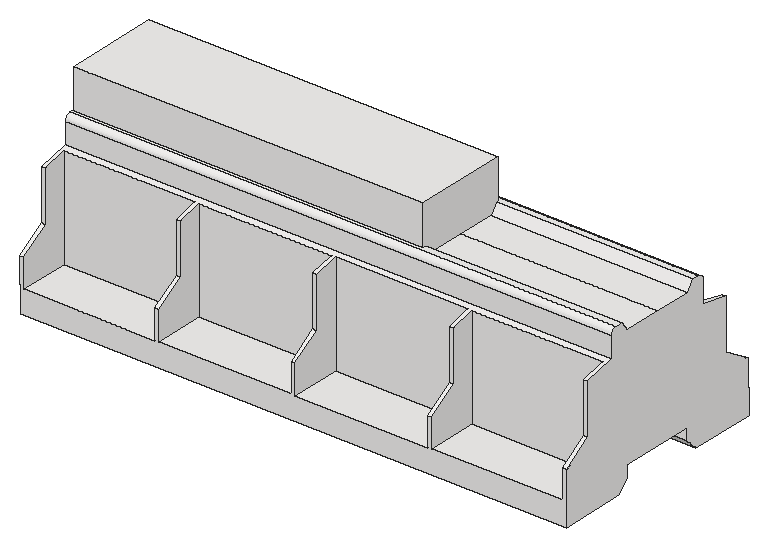
Revit family "Control_Unit-Lutron-Energi_Savr_Node-QSN-4A5-D", category Lighting Devices, host Face, Revit 2018
Family settings
  Host = Face
  Maintain Annotation Orientation = Yes
  Round Connector Dimension = Use Radius
  Part Type = Normal
  OmniClass Number = 23.80.30.11.17
  OmniClass Title = Distribution Boards and Control Panels
  Cut with Voids When Loaded = No
  Shared = No
  Room Calculation Point = No
Parameters (values of type "QSN-4A5-D")
  Warranty URL = "http://www.lutron.com/en-US/Service-Support/Pages/Service/Warranty/Warranty.aspx"
  Voltage = 120 V
  Video Link = "https://www.youtube.com/user/LutronElectronicsInc"
  Version = "2018 - v1.0a"  # constant formula
  Type Comments = ""
  Support Phone = "(224) 699-9545"  # constant formula
  Support Email = "mailto:support@anguleris.com"
  Product Page URL = "https://www.lutron.com/en-US/products/pages/wholebuildingsystems/athena/overview.aspx"
  Product Name = "PRO LED+ Phase Adaptive Power Module"
  Product Documentation Link = "https://www.lutron.com/TechnicalDocumentLibrary/3691173_ENG.pdf"
  Performance URL = "http://www.lutron.com/en-US/Service-Support/Pages/Technical/PerfomanceSpecs.aspx"
  Operating Voltage = "120 V~ 50/60 Hz, 16 A maximum total input current | 277 V~ 50/60 Hz, 8.3 A maximum total input current"
  URL = "http://www.lutron.com"
  Series = "Athena"
  Overall Width = 8.50"  # constant formula
  Overall Height = 2.99"  # constant formula
  Overall Depth = 3.54"  # constant formula
  Number of Poles = 1
  Model = "QSN-4A5-D"
  Minimum Operating Temperature = 32 °F
  Maximum Operating Temperature = 104 °F
  Material = ""
  Manufacturer Phone Number = "610-282-3800"  # constant formula
  Manufacturer Fax Number = "610-282-1243"  # constant formula
  Manufacturer Email = "mailto:support@lutron.com"
  Manufacturer Address = "7200 Suter Rd, Coopersburg, PA 18036"  # constant formula
  Manufacturer = "Lutron Electronics Co., Inc"  # constant formula
  Label [instance] = "LC"
  Keynote = ""
  Instruction Sheet Link = "http://www.lutron.com/en-US/Service-Support/Pages/Technical/InstallationInstructions/InstallationInstructions.aspx#Power%20Interfaces%20&%20Power%20Panels"
  Frequency = "50|60 Hz"
  Finish = Plastic - Lutron - White - Matte
  Description = "The Energi Savr Node (ESN) family is a group of modular products for the control of lighting loads and motor loads."
  Default Elevation = 48.00"
  Current = 16 A
  Cost Info = "mailto:sales@lutron.com"
  Cost = 0
  Copyright = "© 2021 Lutron Electronics Co., Inc."  # constant formula
  Assembly Code = "D3060"
  Apparent Power [instance] = Voltage * Current  # 1920 VA
  Annotation Symbol Visibility [instance] = yes
Reference planes (in)
  plane 1 "Center (Front/Back)": y = 0
  plane 2: z = 0
  plane 3 "Center (Left/Right)": x = 0
  plane 4: z = 2.37891
  plane 5: y = 1.77
  plane 6: y = -1.77
  plane 7: x = -4.25
  plane 8: x = 4.25
  plane 9: x = -2.125
  plane 10: x = 2.125
  plane 11: z = 2.99
Forms (in)
  Extrusion 1, solid, material "Plastic - Lutron - White - Matte" <- "Finish"
    sketch origin (8.5, 0.00455, 0.02943) x (0, -1, 0) y (0, 0, 1)
      loop
        line (1.77455, -0.02943) -> (1.77455, 0.77871) -> (1.35367, 1.04799) -> (1.35367, 1.83028) -> (0.89356, 1.94002) -> (0.89356, 2.25816)
        arc (0.89356, 2.25816) -> (0.86682, 2.32273) -> (0.80225, 2.34948) r 0.09132
        line (0.80225, 2.34948) -> (0.70059, 2.34948) -> (0.60254, 2.20945) -> (0.00455, 2.20945) -> (-0.59343, 2.20945) -> (-0.69149, 2.34948) -> (-0.79314, 2.34948)
        arc (-0.79314, 2.34948) -> (-0.86123, 2.31901) -> (-0.88388, 2.24794) r 0.09132
        line (-0.88388, 2.24794) -> (-0.88388, 1.92931) -> (-1.3305, 1.83863) -> (-1.3305, 1.05456) -> (-1.76545, 0.77972) -> (-1.76545, -0.02943) -> (-0.75275, -0.02943) -> (-0.57598, 0.14735) -> (-0.57598, 0.33151) -> (0.5916, 0.33151) -> (0.5916, 0.1255) -> (0.74653, -0.02943) -> (1.77455, -0.02943)
    from 4.25 to 12.75
  Extrusion 2, void
    sketch origin (0, -12.51256, 0) x (1, 0, 0) y (0, 1, 0)
      loop
        line (-2.09614, 13.49887) -> (-0.02886, 13.49887) -> (-0.02886, 14.35418) -> (-2.09614, 14.35418) -> (-2.09614, 13.49887)
      loop
        line (4.19227, 14.35418) -> (2.15386, 14.35418) -> (2.15386, 13.49887) -> (4.19227, 13.49887) -> (4.19227, 14.35418)
      loop
        line (-4.19227, 14.35418) -> (-4.19227, 13.49887) -> (-2.15386, 13.49887) -> (-2.15386, 14.35418) -> (-4.19227, 14.35418)
      loop
        line (-2.09614, 11.52625) -> (-2.09614, 10.67094) -> (-0.02886, 10.67094) -> (-0.02886, 11.52625) -> (-2.09614, 11.52625)
      loop
        line (4.19227, 10.67094) -> (4.19227, 11.52625) -> (2.15386, 11.52625) -> (2.15386, 10.67094) -> (4.19227, 10.67094)
      loop
        line (-4.19227, 10.67094) -> (-2.15386, 10.67094) -> (-2.15386, 11.52625) -> (-4.19227, 11.52625) -> (-4.19227, 10.67094)
      loop
        line (2.09614, 13.49887) -> (2.09614, 14.35418) -> (0.02886, 14.35418) -> (0.02886, 13.49887) -> (2.09614, 13.49887)
      loop
        line (2.09614, 11.52625) -> (0.02886, 11.52625) -> (0.02886, 10.67094) -> (2.09614, 10.67094) -> (2.09614, 11.52625)
    from 0.36094 to 2.99
  Extrusion 3, solid, material "Plastic - Lutron - White - Matte" <- "Finish"
    sketch origin (0, 0, 0) x (0, 1, 0) y (0, 0, 1)
      loop
        line (-0.73637, 2.99) -> (-0.73637, 2.23887) -> (0.73637, 2.23887) -> (0.73637, 2.99) -> (-0.73637, 2.99)
    from -4.25 to 1.18266
Cuts and joins
  Extrusion 2 cuts Extrusion 1
Lines and regions (in)
  Masking region 1
    outline origin (0, 0, 0) x (1, 0, 0) y (0, 0, 1)
      loop
        line (4.25, 0) -> (4.25, 2.37891) -> (1.18266, 2.37891) -> (1.18266, 2.99) -> (-4.25, 2.99) -> (-4.25, 0) -> (4.25, 0)
  symbolic lines, detail levels medium+fine
    curve 1: line (4.25, 0, 2.30273) -> (-4.25, 0, 2.30273)
    curve 16: line (1.18266, 0, 2.37891) -> (-4.25, 0, 2.37891)
  symbolic lines, detail levels fine
    curve 2: line (4.19227, 0, 1.95874) -> (4.19227, 0, 0.36094)
    curve 3: line (4.19227, 0, 0.36094) -> (2.15386, 0, 0.36094)
    curve 4: line (2.15386, 0, 0.36094) -> (2.15386, 0, 1.94219)
    curve 5: line (2.09614, 0, 1.94219) -> (2.09614, 0, 0.36094)
    curve 6: line (2.09614, 0, 0.36094) -> (0.02886, 0, 0.36094)
    curve 7: line (-2.09614, 0, 0.36094) -> (-2.09614, 0, 1.94219)
    curve 8: line (-2.15386, 0, 1.94219) -> (-2.15386, 0, 0.36094)
    curve 9: line (-2.15386, 0, 0.36094) -> (-4.19227, 0, 0.36094)
    curve 10: line (-4.19227, 0, 0.36094) -> (-4.19227, 0, 1.95874)
    curve 11: line (4.19227, 0, 1.95874) -> (-4.19227, 0, 1.95874)
    curve 12: line (2.15386, 0, 1.94219) -> (4.19227, 0, 1.94219)
    curve 13: line (0.02886, 0, 1.94219) -> (2.09614, 0, 1.94219)
    curve 14: line (-2.09614, 0, 1.94219) -> (-0.02886, 0, 1.94219)
    curve 15: line (-2.15386, 0, 1.94219) -> (-4.19227, 0, 1.94219)
    curve 17: line (0.02886, 0, 0.36094) -> (0.02886, 0, 1.94219)
    curve 18: line (-0.02886, 0, 1.94219) -> (-0.02886, 0, 0.36094)
    curve 19: line (-0.02886, 0, 0.36094) -> (-2.09614, 0, 0.36094)
Dimensions and locks (in)
  equal spacing: host sketch curve, plane 1 "Center (Front/Back)", host sketch curve
  equal spacing: host sketch curve, plane 3 "Center (Left/Right)", host sketch curve
  equal spacing: plane 5, plane 1 "Center (Front/Back)", plane 6
  "Overall Depth": plane 5 to plane 6
  equal spacing: plane 7, plane 3 "Center (Left/Right)", plane 8
  "Overall Width": plane 7 to plane 8
  equal spacing: cut or joined group of Extrusion 1, Extrusion 2, plane 9, cut or joined group of Extrusion 1, Extrusion 2  (x2)
  equal spacing: cut or joined group of Extrusion 1, Extrusion 2, plane 10, cut or joined group of Extrusion 1, Extrusion 2  (x2)
  plane 11 to level = 2.99"
  Extrusion 2 sketch curve to plane 3 "Center (Left/Right)" to Extrusion 2 sketch curve = 0.02886" locked, 0.02886" locked  (x2)
  equal spacing: plane 7, plane 9, plane 3 "Center (Left/Right)"
  equal spacing: plane 3 "Center (Left/Right)", plane 10, plane 8
  locked: plane 7 to Extrusion 3 at 5.43266
  aligned and locked: plane 2 to host face
  aligned and locked: level to host face
  aligned and locked: plane 1 "Center (Front/Back)" to nested 1
  aligned and locked: plane 3 "Center (Left/Right)" to nested 1
  aligned and locked: plane 7 to Extrusion 1
  aligned and locked: plane 8 to cut or joined group of Extrusion 1, Extrusion 2
  aligned and locked: cut or joined group of Extrusion 1, Extrusion 2 to plane 6
  aligned and locked: cut or joined group of Extrusion 1, Extrusion 2 to plane 5
  aligned and locked: plane 4 to cut or joined group of Extrusion 1, Extrusion 2  (x2)
  aligned and locked: Extrusion 3 to cut or joined group of Extrusion 1, Extrusion 2
Automatic sketch dimensions
  plane 7 to curve 1 = 0.00"
  curve 16 to plane 4 = 0.00"
  plane 7 to curve 16 = 0.00"
  curve 1 to plane 8 = 0.00"
  curve 10 to plane 7 = 0.05773"
  curve 8 to plane 9 = 0.02886"
  plane 9 to curve 7 = 0.02886"
  curve 5 to plane 10 = 0.02886"
  plane 10 to curve 4 = 0.02886"
  curve 2 to plane 8 = 0.05773"
  curve 11 to plane 4 = 0.42017"
  curve 15 to curve 7 = 0.00"
  level to curve 8 = 0.36094"
  curve 7 to curve 8 = 0.00"
  curve 4 to curve 5 = 0.00"
  curve 16 to plane 10 = 0.94234"
  curve 1 to plane 4 = 0.07618"
  curve 18 to curve 13 = 0.00"
  Extrusion 1 sketch curve to level = 0.00"  (x2)
  Extrusion 1 sketch curve to plane 5 = 0.00"
  Extrusion 1 sketch curve to plane 4 = 0.00"  (x2)
  Extrusion 1 sketch curve to plane 1 "Center (Front/Back)" = 0.00"
  Extrusion 1 sketch curve to plane 6 = 0.00"
  plane 5 to Extrusion 1 sketch curve = 0.43495"
  Extrusion 1 sketch curve to Extrusion 1 sketch curve = 0.44661"
  Extrusion 1 sketch curve to Extrusion 1 sketch curve = 0.09074"
  Extrusion 1 sketch curve to plane 1 "Center (Front/Back)" = 0.75731"
  Extrusion 1 sketch curve to Extrusion 1 sketch curve = 0.10166"  (x2)
  Extrusion 1 sketch curve to Extrusion 1 sketch curve = 0.09805"  (x2)
  Extrusion 1 sketch curve to Extrusion 1 sketch curve = 0.17678"
  plane 1 "Center (Front/Back)" to Extrusion 1 sketch curve = 0.58705"
  Extrusion 1 sketch curve to plane 4 = 0.14003"
  plane 1 "Center (Front/Back)" to Extrusion 1 sketch curve = 0.59799"
  Extrusion 1 sketch curve to Extrusion 1 sketch curve = 0.15493"
  Extrusion 1 sketch curve to plane 4 = 0.40946"
  Extrusion 1 sketch curve to Extrusion 1 sketch curve = 0.09132"
  plane 6 to Extrusion 1 sketch curve = 0.42088"
  level to Extrusion 1 sketch curve = 0.15493"
  level to Extrusion 1 sketch curve = 0.17678"
  Extrusion 1 sketch curve to Extrusion 1 sketch curve = 0.20601"
  Extrusion 1 sketch curve to Extrusion 1 sketch curve = 0.80814"
  Extrusion 1 sketch curve to Extrusion 1 sketch curve = 0.80915"
  Extrusion 1 sketch curve to Extrusion 1 sketch curve = 0.26928"
  Extrusion 1 sketch curve to Extrusion 1 sketch curve = 0.27484"
  Extrusion 1 sketch curve to Extrusion 1 sketch curve = 0.10973"
  Extrusion 1 sketch curve to plane 4 = 0.51085"
  Extrusion 1 sketch curve to Extrusion 1 sketch curve = 0.28013"
  Extrusion 1 sketch curve to plane 4 = 0.10154"
  plane 9 to Extrusion 2 sketch curve = 0.02886"  (x2)
  Extrusion 2 sketch curve to plane 9 = 0.02886"  (x2)
  Extrusion 2 sketch curve to plane 7 = 0.05773"  (x2)
  Extrusion 2 sketch curve to plane 10 = 0.02886"  (x2)
  plane 10 to Extrusion 2 sketch curve = 0.02886"  (x2)
  Extrusion 2 sketch curve to plane 8 = 0.05773"  (x2)
  Extrusion 2 sketch curve to plane 6 = 0.07162"
  Extrusion 2 sketch curve to Extrusion 2 sketch curve = 0.00"  (x7)
  plane 6 to Extrusion 2 sketch curve = 0.78369"  (x4)
  plane 5 to Extrusion 2 sketch curve = 0.78369"  (x2)
  Extrusion 2 sketch curve to plane 5 = 0.07162"  (x2)
  plane 7 to Masking region 1 sketch curve = 0.00"
  Masking region 1 sketch curve to plane 4 = 0.00"
  Masking region 1 sketch curve to plane 11 = 0.00"
  Masking region 1 sketch curve to plane 8 = 0.00"
  Masking region 1 sketch curve to level = 0.00"
  Masking region 1 sketch curve to plane 10 = 0.94234"
  Extrusion 3 sketch curve to plane 11 = 0.00"
  Extrusion 3 sketch curve to plane 4 = 0.14003"
  plane 1 "Center (Front/Back)" to Extrusion 3 sketch curve = 0.73637"
  Extrusion 3 sketch curve to plane 1 "Center (Front/Back)" = 0.73637"
  curve 19 to plane 3 "Center (Left/Right)" = 0.02886"
  curve 17 to curve 19 = 0.00"
  curve 4 to plane 4 = 0.43672"
  plane 3 "Center (Left/Right)" to curve 13 = 0.02886"
  curve 8 to plane 4 = 0.43672"
Nested families (in)
  nested 1: "Lutron_Lighting_Power_Module_Annotation" at (0, 0, 0), visible <- "Annotation Symbol Visibility", type "QSE-CL-4M-D/LQSE-4M-D", detail levels coarse+medium
Connectors (in)
  electrical at (0, 1.26365, 0)
    settings: on cut or joined group of Extrusion 1, Extrusion 2, index 1, voltage 0 V, apparent load 0 VA, apparent load phase1 0 VA, apparent load phase2 0 VA, apparent load phase3 0 VA, power factor 1, load classification "Other", number of poles 1, system type 13, power factor state 1, is connector primary yes, connector utility no, sub classification motor no, connector description "Controls Connection"
  electrical at (0, -1.25599, 0), driven by "Number of Poles", driven by "Voltage", driven by "Apparent Power"
    settings: on cut or joined group of Extrusion 1, Extrusion 2, index 2, voltage 120 V, apparent load 0 VA, apparent load phase1 1920 VA, apparent load phase2 0 VA, apparent load phase3 0 VA, power factor 1, load classification "Other", number of poles 1, system type 31, power factor state 1, is connector primary no, connector utility no, sub classification motor no, connector description "Power Connection"
Definition of nested family "Lutron_Lighting_Power_Module_Annotation"
  Parameters (values of type "QSWS2")
    Label = "KP"
  Types (9): name | Label
    QSE-IO | "QSE-IO"
    QSE-CL-4M-D/LQSE-4M-D | "4M"
    QSE-CL-DMX | "DMX"
    PHPM-WBX-120-WH | "WBX"
    LQSE-2DAL-D | "2DAL"
    LQSE-4S10-D | "4S10"
    LQSE-4T10-D | "4T10"
    LQSE-4A-D | "4A"
    QSWS2 | "KP"
  Reference planes (in)
    plane 1: y = 0
    plane 2: x = 0
  Lines and regions (in)
    detail lines, not visible
      curve 1: line (0, 0.12891, 0) -> (0, 0, 0)
    reference lines
      curve 2: line (0, 0.0625, 0) -> (-0.11983, 0.0625, 0)
      curve 3: line (0.10095, -0.04722, 0) -> (0.10095, 0.09386, 0)
      curve 4: line (0.10095, -0.04722, 0) -> (0.28349, -0.04722, 0)
      curve 5: line (0.10095, 0.04579, 0) -> (0.31014, 0.04579, 0)
    detail lines
      curve 6: line (-0.15637, 0.42347, 0) -> (0.15896, 0.42347, 0)
      curve 7: line (-0.15637, 0.12891, 0) -> (-0.15637, 0.42347, 0)
      curve 8: line (0.15896, 0.12891, 0) -> (-0.15637, 0.12891, 0)
      curve 9: line (0.15896, 0.42347, 0) -> (0.15896, 0.12891, 0)
      curve 10: line (0, 0.12891, 0) -> (0, 0, 0)
      curve 11: line (-0.08143, 0, 0) -> (0.08143, 0, 0)
  Text (in)
    label "2DAL" at (0.00317, 0.27539, 0), shows "Label"
  Dimensions and locks (in)
    locked: curve 4 to curve 5 at 0.09301
    locked: curve 1 to curve 3 at 0.10095
    curve 1 to curve 1 = 0.12891"
    locked: plane 1 to curve 2 at 0.0625
    equal spacing: curve 11, plane 2, curve 11
    locked: curve 11 to curve 11 at 0.16287
    locked: curve 11 to curve 8 at 0.12891
    aligned and locked: curve 1 to curve 2
    aligned and locked: plane 1 to curve 1
    aligned and locked: curve 1 to plane 2
    aligned and locked: plane 2 to curve 1
    aligned and locked: curve 10 to plane 2
